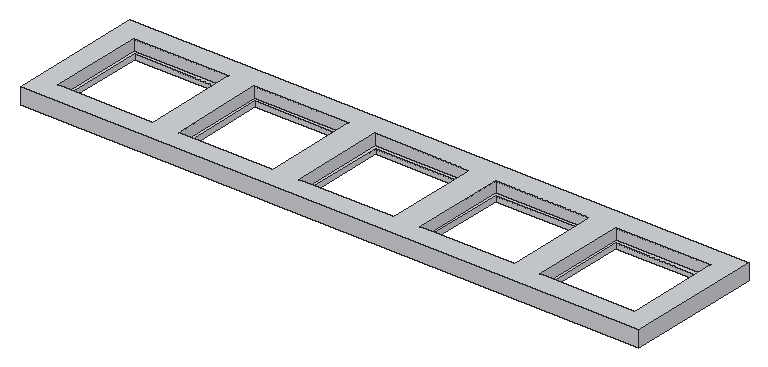
Revit family "Gira_021529", category Electrical Fixtures, host Face, Revit 2017
Family settings
  Host = Face
  Maintain Annotation Orientation = No
  Round Connector Dimension = Use Diameter
  Part Type = Normal
  Cut with Voids When Loaded = No
  Shared = No
  Room Calculation Point = No
Parameters (values of type "Abdeckrahmen 5f Gira E2 Reinweiß")
  Werkstoffgüte = "Thermoplast"
  Werkstoff = "Kunststoff"
  URL = "http://katalog.gira.de/de_DE/datenblatt.html?artikelnr=021529"
  Transparent = "No"
  Textfeld/Beschriftungsfläche = "No"
  Schutzart (IP) = "IP20"
  Region = "DE"
  RAL-Nummer (ähnlich) = "9010 "
  Oberfläche = "sonstige"
  Name = "Abdeckrahmen 5f Gira E2 Reinweiß"
  Montagerichtung = "horizontal und vertikal"
  Mit Montagerahmen = "No"
  Mit Klappdeckel = "No"
  Manufacturer URL = "https://www.gira.de/"
  Keynote = "E2_Rahmen_5fach"
  HeinzeBIM = "https://bimportal.heinze.de/bim/abdeckrahmen-5f-gira-e2-reinweiss/96e8f5c18d2b8bbfb86580dad03402cc0c6295d3"
  Halogenfrei = "Yes"
  HAN = "021529"
  Geeignet für Unterputz-Installation = "Yes"
  Geeignet für Unterflurkanaldose = "No"
  Geeignet für Geräteeinbaukanal = "No"
  Geeignet für Einbauinstallation = "No"
  GTIN = "4010337215295"
  Farbe = "weiß"
  Default Elevation = 1219.2 mm
  Data sheet (1) = "https://katalog.gira.de/de_DE/download.html?artikelnr=021529"
  Category = "Abdeckrahmen"
  Befestigungsart = "Klemmbefestigung"
  Available = "Yes"
  Ausführung der Oberfläche = "glänzend"
  Anzahl der Einheiten vertikal = "5 "
  Anzahl der Einheiten horizontal = "5 "
  Anzahl der Einheiten = "5 "
Reference planes
  plane 1 "Center (Front/Back)": y = 0
  plane 2: z = 0
  plane 3 "Center (Left/Right)": x = 0
Forms (mm)
  Extrusion 1, solid, detail levels fine
    sketch origin (0, 0, 0) x (1, 0, 0) y (0, 1, 0)
      loop
        line (183, 40.4) -> (-183, 40.4) -> (-183, -40.4) -> (183, -40.4) -> (183, 40.4)
      loop
        line (114.548, 28.052) -> (114.548, -28.052) -> (170.652, -28.052) -> (170.652, 28.052) -> (114.548, 28.052)
      loop
        line (43.248, 28.052) -> (43.248, -28.052) -> (99.352, -28.052) -> (99.352, 28.052) -> (43.248, 28.052)
      loop
        line (-28.052, 28.052) -> (-28.052, -28.052) -> (28.052, -28.052) -> (28.052, 28.052) -> (-28.052, 28.052)
      loop
        line (-99.352, 28.052) -> (-99.352, -28.052) -> (-43.248, -28.052) -> (-43.248, 28.052) -> (-99.352, 28.052)
      loop
        line (-170.652, 28.052) -> (-170.652, -28.052) -> (-114.548, -28.052) -> (-114.548, 28.052) -> (-170.652, 28.052)
    from 0 to 9.3
  Extrusion 2, solid, detail levels fine
    sketch origin (-142.5, 0, 0) x (1, 0, 0) y (0, 1, 0)
      loop
        line (-28.152, -28.152) -> (28.152, -28.152) -> (28.152, 28.152) -> (-28.152, 28.152) -> (-28.152, -28.152)
      loop
        line (25.9, -25.7) -> (25.9, 25.7) -> (-25.9, 25.7) -> (-25.9, -25.7) -> (25.9, -25.7)
    from 0 to 3
  Extrusion 3, solid, detail levels coarse+medium
    sketch origin (0, 0, 0) x (1, 0, 0) y (0, 1, 0)
      loop
        line (183, 40.4) -> (-183, 40.4) -> (-183, -40.4) -> (183, -40.4) -> (183, 40.4)
    from 0 to 9.3
  Extrusion 4, solid, detail levels fine
    sketch origin (0.1, -0.047, 0) x (1, 0, 0) y (0, 1, 0)
      loop
        line (-28.152, -28.106) -> (28.152, -28.106) -> (28.152, 28.199) -> (-28.152, 28.199) -> (-28.152, -28.106)
      loop
        line (25.9, -25.653) -> (25.9, 25.747) -> (-25.9, 25.747) -> (-25.9, -25.653) -> (25.9, -25.653)
    from 0 to 3
  Extrusion 5, solid, detail levels fine
    sketch origin (142.5, -0.047, 0) x (1, 0, 0) y (0, 1, 0)
      loop
        line (-27.952, -28.006) -> (28.152, -28.006) -> (28.152, 28.099) -> (-27.952, 28.099) -> (-27.952, -28.006)
      loop
        line (26, -25.653) -> (26, 25.747) -> (-25.9, 25.747) -> (-25.9, -25.653) -> (26, -25.653)
    from 0 to 3
  Extrusion 6, solid, detail levels fine
    sketch origin (71.2, -0.047, 0) x (1, 0, 0) y (0, 1, 0)
      loop
        line (-27.952, -28.006) -> (28.152, -28.006) -> (28.152, 28.099) -> (-27.952, 28.099) -> (-27.952, -28.006)
      loop
        line (26, -25.653) -> (26, 25.747) -> (-25.9, 25.747) -> (-25.9, -25.653) -> (26, -25.653)
    from 0 to 3
  Extrusion 7, solid, detail levels fine
    sketch origin (-71.2, -0.047, 0) x (1, 0, 0) y (0, 1, 0)
      loop
        line (-28.152, -28.106) -> (28.152, -28.106) -> (28.152, 28.199) -> (-28.152, 28.199) -> (-28.152, -28.106)
      loop
        line (25.9, -25.653) -> (25.9, 25.747) -> (-25.9, 25.747) -> (-25.9, -25.653) -> (25.9, -25.653)
    from 0 to 3
Dimensions and locks
  aligned and locked: plane 2 to host face
  aligned and locked: level to host face
